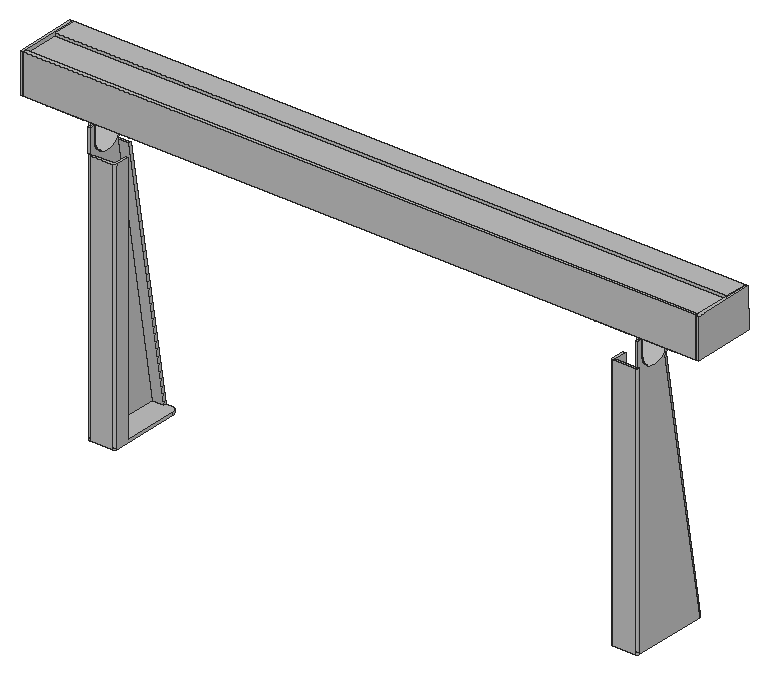
Revit family "4070749+4070747+4070772 Feilo Sylvania Lighting Fixtures CURSUS 591MM 435LM OVAL LED 4K with SINGLE WALL HOUSING with 250MM WALL BRACKET", category Lighting Fixtures, host Face, Revit 2017
Family settings
  Host = Face
  Round Connector Dimension = Use Diameter
  Part Type = Normal
  OmniClass Number = 23.80.70.14
  OmniClass Title = Luminaries for External Lighting
  Cut with Voids When Loaded = Yes
  Light Source = No
  Shared = No
  Room Calculation Point = No
Parameters (values of type "4070749 CURSUS 591MM 435LM OVAL LED 4K")
  Weight = "1.2 kg"
  Wattage Comments = "n/a"
  WarrantyStartDate [instance] = "n/a"
  WarrantyGuarantorParts = "n/a"
  WarrantyDurationUnit = "n/a"
  WarrantyDurationParts = "n/a"
  WarrantyDescription = "n/a"
  Voltage = 24 V
  URL = "http://www.sylvania-lighting.com"
  TypeName = "CURSUS 591MM 435LM OVAL LED 4K"
  TypeFixture_FEILO = CURSUS with SINGLE WALL HOUSING : CURSUS 591MM 435LM OVAL LED 4K
  Type Image = <None>
  Type Comments = "n/a"
  TiltAngle [instance] = 0.00°
  StartAngle [instance] = TiltAngle + 270.00°  # 270.00°
  SerialNumber [instance] = "n/a"
  ReflectorMaterial = none
  PowerFactor = 0
  PowerConsumption = "9 W"
  NominalLength = 591 mm
  NominalHeight = 50 mm
  NominalDepth = 30 mm
  Name = "CURSUS 591MM 435LM OVAL LED 4K"
  ModelReference = Name  # "CURSUS 591MM 435LM OVAL LED 4K"
  ModelNumber = "4070749"
  Model = Name  # "CURSUS 591MM 435LM OVAL LED 4K"
  Material = "natural anodised extruded aluminium structure housing, optical system with pmma lenses diffuser"
  ManufacturerName = "Feilo Sylvania"
  Manufacturer = "Feilo Sylvania"
  LuminousEfficacy = "48.33 lm/W"
  LuminaireType = ""
  LightOutputRatio = "100"
  LampsType = Lamp  # "LED"
  LampNominalLuminous = "435 lm"
  LampMacAdamStep = "n/a"
  LampColourTemperature = "4000 K"
  LampColourRenderingIndex = "80"
  Lamp = "LED"
  Keynote = "16500"
  InstallationDate [instance] = "n/a"
  InputVoltage = "24V DC"
  InputNominalFrequency = "n/a"
  IngressProtection = "IP67"
  ImpactProtectionIndex = "IK07"
  IfcExportType = "IfcLightFixtureType"
  IfcExportAs = "IfcLightFixtureType"
  ExpectedLife = 50000
  EndAngle [instance] = StartAngle - 180.00°  # 90.00°
  ElectricShockClassification = "Class III"
  DurationUnit = "hours"
  DocumentationLiterature = "http://www.sylvania-lighting.com/product/en-int/products/4070749"
  DimmingControlOptions = "n/a"
  DiffuserMaterial = Diffuser-Sylvania-Glow
  Description = "LED Exterior Lighting Recessed Surface Mounted Linear Fixture, Natural anodised extruded aluminium structure. Die-cast aluminium end caps. Installation kit with harmonic steel springs., 435 lm, 9W, 48lm/W, 4000K, CRI80+,non dimmable,IP67, IK07, (HxWxD) 591x50x30mm, 3 step Mac Adam Ellipse, 1.2kg,, Classe III, 21-25V-DC, energy class : A++, A+, A"
  Default Elevation = 1219.2 mm
  CreatedOn = "1/8/2018"
  CreatedBy = ""
  Cost = 0
  built-in parameter 1114216 [instance] = (empty or 0)
  ClassificationValue = "EF_70_80"
  ClassificationName = "Uniclass2015"
  BracketWidth = 24 mm
  BracketThickness = 2 mm
  BracketHeightEnd = 32 mm
  BracketHeight = 70 mm
  BracketFlange = BracketHeight / 5  # 14 mm
  BracketExtension = 250 mm
  BracketEndReduction = 25 mm
  BracketC = 22 mm  # constant formula
  BracketDistance = 460 mm
  BracketD = BracketHeightEnd - (BracketC * (BracketHeight - BracketHeightEnd) / (BracketExtension - BracketEndReduction))  # 28.284 mm
  BodyMaterial = Body-Sylvania-Gray
  BarCode [instance] = "n/a"
  AssetType = "Fixed"
  AssetIdentifier [instance] = "n/a"
  Assembly Code = "D5020200"
  Apparent Load = 9 VA
  AccessoryMaterial = Diffuser-Sylvania-Glow
Reference planes
  plane 1 "Center (Front/Back)": y = 0
  plane 2: z = 0
  plane 3 "Center (Left/Right)": x = 0
  plane 4: x = -242
  plane 5: x = 242
  plane 6: y = 70
  plane 7: x = -218
  plane 8: x = 218
  plane 9: z = 250
  plane 10: z = 236
  plane 11: z = 2
  plane 12: z = 225
  plane 13: x = -240
  plane 14: y = 68
  plane 15: y = 2
  plane 16: x = -220
  plane 17: x = 220
  plane 18: x = 240
  plane 19: x = -230
  plane 20: x = 230
  plane 21: y = 14
  plane 22: y = 32
  plane 23: y = 30
  plane 24: z = 247
  plane 25: y = 28.284
  plane 26: y = 16
Forms (mm)
  Blend 1, solid, material "Body-Sylvania-Gray" <- "BodyMaterial"
    base sketch origin (1223.4, -4572, 2) x (0, -1, 0) y (1, 0, 0)
      loop
        line (-4640, -1453.4) -> (-4642, -1453.4) -> (-4642, -1463.4)
        arc (-4642, -1463.4) -> (-4641.414, -1464.814) -> (-4640, -1465.4) r 2
        line (-4640, -1465.4) -> (-4574, -1465.4)
        arc (-4574, -1465.4) -> (-4572.586, -1464.814) -> (-4572, -1463.4) r 2
        line (-4572, -1463.4) -> (-4572, -1443.4)
        arc (-4572, -1443.4) -> (-4572.586, -1441.986) -> (-4574, -1441.4) r 2
        line (-4574, -1441.4) -> (-4586, -1441.4) -> (-4586, -1443.4) -> (-4574, -1443.4) -> (-4574, -1463.4) -> (-4640, -1463.4) -> (-4640, -1453.4)
    top sketch origin (1223.4, -4572, 2) x (0, -1, 0) y (1, 0, 0)
      loop
        line (-4586, -1443.4) -> (-4574, -1443.4) -> (-4574, -1463.4) -> (-4602, -1463.4) -> (-4602, -1453.4) -> (-4604, -1453.4) -> (-4604, -1463.4)
        arc (-4604, -1463.4) -> (-4603.52, -1464.71) -> (-4602.309, -1465.4) r 2.028
        line (-4602.309, -1465.4) -> (-4574, -1465.4)
        arc (-4574, -1465.4) -> (-4572.586, -1464.814) -> (-4572, -1463.4) r 2
        line (-4572, -1463.4) -> (-4572, -1443.4)
        arc (-4572, -1443.4) -> (-4572.586, -1441.986) -> (-4574, -1441.4) r 2
        line (-4574, -1441.4) -> (-4586, -1441.4) -> (-4586, -1443.4)
    from 0 to 223
  Extrusion 2, solid, material "Body-Sylvania-Gray" <- "BodyMaterial"
    sketch origin (0, 0, 0) x (1, 0, 0) y (0, 1, 0)
      loop
        arc (-240, 70) -> (-241.414, 69.414) -> (-242, 68) r 2
        line (-242, 68) -> (-242, 2)
        arc (-242, 2) -> (-241.414, 0.586) -> (-240, 0) r 2
        line (-240, 0) -> (-220, 0)
        arc (-220, 0) -> (-218.586, 0.586) -> (-218, 2) r 2
        line (-218, 2) -> (-218, 62.5)
        arc (-218, 62.5) -> (-220.197, 67.803) -> (-225.5, 70) r 7.5
        line (-225.5, 70) -> (-240, 70)
      loop
        line (240, 70) -> (225.5, 70)
        arc (225.5, 70) -> (220.197, 67.803) -> (218, 62.5) r 7.5
        line (218, 62.5) -> (218, 2)
        arc (218, 2) -> (218.586, 0.586) -> (220, 0) r 2
        line (220, 0) -> (240, 0)
        arc (240, 0) -> (241.414, 0.586) -> (242, 2) r 2
        line (242, 2) -> (242, 68)
        arc (242, 68) -> (241.414, 69.414) -> (240, 70) r 2
    from 0 to 2
  Blend 3, solid, material "Body-Sylvania-Gray" <- "BodyMaterial"
    base sketch origin (1223.4, -4572, 2) x (0, -1, 0) y (1, 0, 0)
      loop
        line (-4640, -983.4) -> (-4574, -983.4) -> (-4574, -1003.4) -> (-4586, -1003.4) -> (-4586, -1005.4) -> (-4574, -1005.4)
        arc (-4574, -1005.4) -> (-4572.586, -1004.814) -> (-4572, -1003.4) r 2
        line (-4572, -1003.4) -> (-4572, -983.4)
        arc (-4572, -983.4) -> (-4572.586, -981.986) -> (-4574, -981.4) r 2
        line (-4574, -981.4) -> (-4640, -981.4)
        arc (-4640, -981.4) -> (-4641.414, -981.986) -> (-4642, -983.4) r 2
        line (-4642, -983.4) -> (-4642, -993.4) -> (-4640, -993.4) -> (-4640, -983.4)
    top sketch origin (1223.4, -4572, 2) x (0, -1, 0) y (1, 0, 0)
      loop
        line (-4602, -993.4) -> (-4602, -983.4) -> (-4574, -983.4) -> (-4574, -1003.4) -> (-4586, -1003.4) -> (-4586, -1005.4) -> (-4574, -1005.4)
        arc (-4574, -1005.4) -> (-4572.586, -1004.814) -> (-4572, -1003.4) r 2
        line (-4572, -1003.4) -> (-4572, -983.4)
        arc (-4572, -983.4) -> (-4572.586, -981.986) -> (-4574, -981.4) r 2
        line (-4574, -981.4) -> (-4602, -981.4)
        arc (-4602, -981.4) -> (-4603.414, -981.986) -> (-4604, -983.4) r 2
        line (-4604, -983.4) -> (-4604, -993.4) -> (-4602, -993.4)
    from 0 to 223
  Blend 4, solid, material "Body-Sylvania-Gray" <- "BodyMaterial"
    base sketch origin (1223.4, -4572, 225) x (0, -1, 0) y (1, 0, 0)
      loop
        line (-4604, -1465.4) -> (-4572, -1465.4) -> (-4572, -1463.4) -> (-4604, -1463.4) -> (-4604, -1465.4)
    top sketch origin (1223.4, -4572, 225) x (0, -1, 0) y (1, 0, 0)
      loop
        line (-4572, -1465.4) -> (-4572, -1463.4) -> (-4600.284, -1463.4) -> (-4600.284, -1465.4) -> (-4572, -1465.4)
    from 0 to 22
  Blend 5, solid, material "Body-Sylvania-Gray" <- "BodyMaterial"
    base sketch origin (1223.4, -4572, 225) x (0, -1, 0) y (1, 0, 0)
      loop
        line (-4604, -983.4) -> (-4572, -983.4) -> (-4572, -981.4) -> (-4604, -981.4) -> (-4604, -983.4)
    top sketch origin (1223.4, -4572, 225) x (0, -1, 0) y (1, 0, 0)
      loop
        line (-4572, -981.4) -> (-4600.284, -981.4) -> (-4600.284, -983.4) -> (-4572, -983.4) -> (-4572, -981.4)
    from 0 to 22
  Extrusion 6, void
    sketch origin (0, 0, 0) x (0, 1, 0) y (0, 0, 1)
      loop
        line (0, 225) -> (2, 225) -> (2, 226.5) -> (0, 226.5) -> (0, 225)
      loop
        line (32, 225) -> (32, 226.5) -> (30, 226.5) -> (30, 225) -> (32, 225)
    from -242 to 242
  Revolve 7, solid, not visible
    sketch origin (1524, 16, 1219.2) x (1, 0, 0) y (0, 0, 1)
      loop
        line (-1524, -972.2) -> (-1524, -983.2) -> (-1294, -983.2) -> (-1294, -972.2) -> (-1524, -972.2)
      axis (-1294, -983.2) -> (-1524, -983.2)
    angle from 270 <- "StartAngle" to 90 <- "EndAngle"
Cuts and joins
  Extrusion 6 cuts Blend 4
  Extrusion 6 cuts Blend 5
  joined: Blend 1, Extrusion 2, Blend 3, Blend 4, Blend 5
Lines and regions (mm)
  reference lines, not visible
    curve 1: line (-218, 16, 236) -> (218, 16, 236)
Dimensions and locks
  equal spacing: plane 4, plane 3 "Center (Left/Right)", plane 5
  "BracketDistance": plane 19 to plane 20
  "BracketHeight": plane 1 "Center (Front/Back)" to plane 6
  equal spacing: plane 7, plane 3 "Center (Left/Right)", plane 8
  "BracketWidth": plane 4 to plane 7
  "BracketExtension": plane 9 to plane 2
  "BracketThickness": plane 11 to plane 2
  "BracketEndReduction": plane 9 to plane 12
  equal spacing: plane 13, plane 3 "Center (Left/Right)", plane 18
  equal spacing: plane 16, plane 3 "Center (Left/Right)", plane 17
  "BracketThickness": plane 4 to plane 13
  "BracketThickness": plane 16 to plane 7
  "BracketThickness": plane 14 to plane 6
  "BracketThickness": plane 1 "Center (Front/Back)" to plane 15
  equal spacing: plane 4, plane 19, plane 7
  equal spacing: plane 8, plane 20, plane 5
  "BracketFlange": plane 1 "Center (Front/Back)" to plane 21
  "BracketHeightEnd": plane 1 "Center (Front/Back)" to plane 22
  "BracketThickness": plane 23 to plane 22
  locked: Extrusion 2 sketch curve to plane 7 at 7.5
  locked: Extrusion 2 sketch curve to plane 6 at 7.5  (x2)
  locked: plane 8 to Extrusion 2 sketch curve at 7.5
  "BracketC": plane 24 to plane 12
  "BracketD": plane 1 "Center (Front/Back)" to plane 25
  locked: plane 12 to Extrusion 6 sketch curve at 1.5
  equal spacing: plane 24, plane 10, plane 12
  equal spacing: plane 1 "Center (Front/Back)", plane 26, plane 22
  aligned and locked: plane 2 to host face
  aligned and locked: level to host face
  aligned and locked: plane 4 to Blend 1 sketch curve  (x2)
  aligned and locked: plane 13 to Blend 1 sketch curve  (x3)
  aligned and locked: Blend 1 sketch curve to plane 15
  aligned and locked: Blend 1 sketch curve to plane 16
  aligned and locked: Blend 1 sketch curve to plane 21
  aligned and locked: plane 7 to Blend 1 sketch curve
  aligned and locked: plane 16 to Blend 1 sketch curve
  aligned and locked: plane 1 "Center (Front/Back)" to Blend 1 sketch curve
  aligned and locked: plane 14 to Blend 1 sketch curve
  aligned and locked: Blend 1 sketch curve to var sketch  (x6)
  aligned and locked: Blend 1 sketch curve to plane 19
  aligned and locked: Blend 1 sketch curve to plane 22
  aligned and locked: plane 23 to Blend 1 sketch curve
  aligned and locked: plane 11 to Blend 1
  aligned and locked: Extrusion 2 sketch curve to Blend 1  (x3)
  aligned and locked: Extrusion 2 to level
  aligned and locked: Extrusion 2 to plane 11
  aligned and locked: Extrusion 2 sketch curve to plane 7
  aligned and locked: plane 18 to Blend 3 sketch curve  (x4)
  aligned and locked: plane 14 to Blend 3 sketch curve  (x2)
  aligned and locked: Blend 3 sketch curve to plane 20
  aligned and locked: Blend 3 sketch curve to plane 6
  aligned and locked: plane 5 to Blend 3 sketch curve
  aligned and locked: plane 1 "Center (Front/Back)" to Blend 3 sketch curve
  aligned and locked: plane 15 to Blend 3 sketch curve  (x2)
  aligned and locked: Blend 3 sketch curve to plane 8
  aligned and locked: Blend 3 sketch curve to plane 21
  aligned and locked: plane 17 to Blend 3 sketch curve
  aligned and locked: Blend 3 sketch curve to plane 18
  aligned and locked: plane 20 to Blend 3 sketch curve  (x2)
  aligned and locked: Blend 3 sketch curve to plane 23
  aligned and locked: Blend 3 sketch curve to var sketch  (x8)
  aligned and locked: var sketch to Blend 3 sketch curve
  aligned and locked: plane 22 to Blend 3 sketch curve
  aligned and locked: plane 11 to Blend 3
  aligned and locked: Extrusion 2 sketch curve to Blend 3  (x4)
  aligned and locked: Blend 1 to plane 12
  aligned and locked: Blend 3 to plane 12
  aligned and locked: Blend 4 sketch curve to plane 22
  aligned and locked: Blend 4 sketch curve to cut or joined group of Blend 1, Extrusion 2, Blend 3, Blend 4, Blend 5, Extrusion 6  (x2)
  aligned and locked: cut or joined group of Blend 1, Extrusion 2, Blend 3, Blend 4, Blend 5, Extrusion 6 to Blend 4 sketch curve
  aligned and locked: Blend 4 sketch curve to var sketch  (x2)
  aligned and locked: Blend 4 sketch curve to plane 13
  aligned and locked: Blend 4 to plane 24
  aligned and locked: Blend 4 sketch curve to plane 25
  aligned and locked: Blend 5 sketch curve to plane 18  (x2)
  aligned and locked: plane 1 "Center (Front/Back)" to Blend 5 sketch curve
  aligned and locked: plane 5 to Blend 5 sketch curve
  aligned and locked: plane 22 to Blend 5 sketch curve
  aligned and locked: Blend 5 sketch curve to var sketch
  aligned and locked: var sketch to Blend 5 sketch curve
  aligned and locked: Blend 5 sketch curve to plane 25
  aligned and locked: Blend 5 to plane 24
  aligned and locked: plane 12 to Blend 5
  aligned and locked: Extrusion 6 sketch curve to cut or joined group of Blend 1, Extrusion 2, Blend 3, Blend 4, Blend 5, Extrusion 6  (x2)
  aligned and locked: Extrusion 6 sketch curve to Extrusion 6 sketch curve
  aligned and locked: Extrusion 6 sketch curve to plane 15
  aligned and locked: plane 5 to Extrusion 6
  aligned and locked: Extrusion 6 to plane 4
  aligned and locked: Extrusion 6 sketch curve to plane 23
  aligned and locked: Revolve 7 sketch curve to plane 10  (x2)
  aligned and locked: plane 24 to Revolve 7 sketch curve
  aligned and locked: plane 3 "Center (Left/Right)" to Revolve 7 sketch curve
  aligned and locked: Revolve 7 sketch curve to plane 20
  aligned and locked: plane 7 to curve 1
  aligned and locked: plane 10 to curve 1
  aligned and locked: nested 1 to plane 5
  aligned and locked: nested 2 to plane 4
  aligned and locked: nested 1 to curve 1
  aligned and locked: nested 2 to curve 1
  aligned and locked: nested 1 to nested 3
  aligned and locked: nested 3 to plane 3 "Center (Left/Right)"
Automatic sketch dimensions
  host sketch curve to host sketch curve = 2438.4 mm  (x2)
  Blend 1 sketch curve to plane 13 = 0 mm
  plane 15 to Blend 1 sketch curve = 0 mm  (x3)
  Blend 1 sketch curve to plane 23 = 0.309 mm
  plane 6 to Blend 1 sketch curve = 0 mm
  plane 14 to Blend 1 sketch curve = 0 mm
  Blend 1 sketch curve to plane 19 = 0 mm
  Blend 3 sketch curve to plane 17 = 0 mm
  Extrusion 6 sketch curve to plane 1 "Center (Front/Back)" = 0 mm
  plane 12 to Extrusion 6 sketch curve = 0 mm
  Revolve 7 sketch curve to plane 4 = 1153 mm
  plane 5 to Revolve 7 sketch curve = 1161.4 mm
  curve 1 to plane 8 = 0 mm
Nested families
  nested 1: "MountingPlate" at (241, 16, 236) x (-1, 0, 0) z (0, 0, 1), type "MountingPlate"
  nested 2: "MountingPlate" at (-241, 16, 236) x (-1, 0, 0) z (0, 0, 1), type "MountingPlate"
  nested 3: "CURSUS with SINGLE WALL HOUSING" at (0, -4, 254) x (-1, 0, 0) z (0, 0, 1), type <- "TypeFixture_FEILO", type "CURSUS 591MM 435LM OVAL LED 4K"
    with WarrantyStartDate "n/a", SerialNumber "n/a", InstallationDate "n/a", EndCapRight yes, EndCapLeft yes, built-in parameter 1114216 (empty or 0), BarCode "n/a", AssetIdentifier "n/a"
Connectors
  electrical at (0, 0, 0), driven by "Voltage", driven by "Apparent Load", driven by "PowerFactor"
    settings: index 1, voltage 24 V, apparent load 9 VA, apparent load phase1 0 VA, apparent load phase2 0 VA, apparent load phase3 0 VA, power factor 0, load classification "Other", number of poles 1, system type 30, power factor state 1, is connector primary yes, connector utility no, sub classification motor no, connector description ""
Definition of nested family "MountingPlate"
  Parameters (values of type "MountingPlate")
    URL = "http://www.feilosylvania.com"
    Type Comments = "n/a"
    ReflectorMaterial = none
    MountingPlateWidth = 76 mm
    MountingPlateThickness = 2 mm
    MountingPlateRadiusBack = 12 mm
    MountingPlateRadius = 3 mm
    MountingPlateHeight = 35 mm
    Model = "n/a"
    Manufacturer = "Feilo Sylvania"
    Keynote = "n/a"
    DiffuserMaterial = none
    Description = "n/a"
    Default Elevation = 1219.2 mm
    Cost = 0
    BodyMaterial = none
    Assembly Code = "n/a"
    AccessoryMaterial = none
  Reference planes
    plane 1 "Center (Front/Back)": y = 0
    plane 2: z = 0
    plane 3 "Center (Left/Right)": x = 0
    plane 4: x = -38
    plane 5: x = 38
    plane 6: y = 17.5
    plane 7: y = -17.5
    plane 8: x = -3
    plane 9: x = 3
    plane 10: z = 18
    plane 11: z = 16
    plane 12: y = 12.5
    plane 13: y = -12.5
    plane 14: x = -1
    plane 15: x = 1
    plane 16: z = -12.5
    plane 17: z = -14.5
  Forms (mm)
    Extrusion 1, solid
      sketch origin (1.653, 0, 0) x (1, 0, 0) y (0, 1, 0)
        loop
          line (-1219.2, 1219.2) -> (-1219.2, -1219.2) -> (1219.2, -1219.2) -> (1219.2, 1219.2) -> (-1219.2, 1219.2)
      from 0 to -304.8
    Extrusion 2, solid, material <- "BodyMaterial"
      sketch origin (1218.4, -4572, 16) x (0, -1, 0) y (-1, 0, 0)
        loop
          line (-4589.5, 1253.4) -> (-4589.5, 1224.4)
          arc (-4589.5, 1224.4) -> (-4588.621, 1222.279) -> (-4586.5, 1221.4) r 3
          line (-4586.5, 1221.4) -> (-4557.5, 1221.4)
          arc (-4557.5, 1221.4) -> (-4555.379, 1222.279) -> (-4554.5, 1224.4) r 3
          line (-4554.5, 1224.4) -> (-4554.5, 1253.4)
          arc (-4554.5, 1253.4) -> (-4555.379, 1255.521) -> (-4557.5, 1256.4) r 3
          line (-4557.5, 1256.4) -> (-4586.5, 1256.4)
          arc (-4586.5, 1256.4) -> (-4588.621, 1255.521) -> (-4589.5, 1253.4) r 3
        loop
          arc (-4589.5, 1183.4) -> (-4588.621, 1181.279) -> (-4586.5, 1180.4) r 3
          line (-4586.5, 1180.4) -> (-4557.5, 1180.4)
          arc (-4557.5, 1180.4) -> (-4555.379, 1181.279) -> (-4554.5, 1183.4) r 3
          line (-4554.5, 1183.4) -> (-4554.5, 1212.4)
          arc (-4554.5, 1212.4) -> (-4555.379, 1214.521) -> (-4557.5, 1215.4) r 3
          line (-4557.5, 1215.4) -> (-4586.5, 1215.4)
          arc (-4586.5, 1215.4) -> (-4588.621, 1214.521) -> (-4589.5, 1212.4) r 3
          line (-4589.5, 1212.4) -> (-4589.5, 1183.4)
      from 0 to -2
    Extrusion 3, solid, material <- "BodyMaterial"
      sketch origin (0, 0, 0) x (1, 0, 0) y (0, 0, 1)
        loop
          line (-3, 18) -> (-3, -12.5) -> (-1, -12.5) -> (-1, 16)
          arc (-1, 16) -> (-1.586, 17.414) -> (-3, 18) r 2
        loop
          line (3, -12.5) -> (3, 18)
          arc (3, 18) -> (1.586, 17.414) -> (1, 16) r 2
          line (1, 16) -> (1, -12.5) -> (3, -12.5)
      from -12.5 to 12.5
    Extrusion 4, void
      sketch origin (0, 0, 0) x (0, 1, 0) y (0, 0, 1)
        loop
          line (-12.5, -0.5) -> (-17.5, -0.5) -> (-17.5, -14.5) -> (-0.5, -14.5) -> (-0.5, -12.5)
          arc (-0.5, -12.5) -> (-8.985, -8.985) -> (-12.5, -0.5) r 12
        loop
          line (0.5, -12.5) -> (0.5, -14.5) -> (17.5, -14.5) -> (17.5, -0.5) -> (12.5, -0.5)
          arc (12.5, -0.5) -> (8.985, -8.985) -> (0.5, -12.5) r 12
      from -3 to 3
  Cuts and joins
    Extrusion 4 cuts Extrusion 2
    Extrusion 4 cuts Extrusion 3
    joined: Extrusion 2, Extrusion 3
  Lines and regions (mm)
    reference lines
      curve 1: line (-38, 0, 0) -> (38, 0, 0)
  Dimensions and locks
    equal spacing: plane 4, plane 3 "Center (Left/Right)", plane 5
    "MountingPlateWidth": plane 4 to plane 5
    equal spacing: plane 7, plane 1 "Center (Front/Back)", plane 6
    "MountingPlateHeight": plane 7 to plane 6
    equal spacing: plane 8, plane 3 "Center (Left/Right)", plane 9
    "MountingPlateHeight": plane 4 to plane 8
    locked: plane 10 to plane 2 at 18
    "MountingPlateThickness": plane 10 to plane 11
    equal spacing: plane 13, plane 1 "Center (Front/Back)", plane 12
    locked: plane 13 to plane 12 at 25
    "MountingPlateRadius": plane 4 to Extrusion 2 sketch curve  (x2)
    "MountingPlateRadius": Extrusion 2 sketch curve to plane 6  (x4)
    "MountingPlateRadius": Extrusion 2 sketch curve to plane 8  (x2)
    "MountingPlateRadius": plane 7 to Extrusion 2 sketch curve  (x4)
    "MountingPlateRadius": plane 9 to Extrusion 2 sketch curve  (x2)
    "MountingPlateRadius": Extrusion 2 sketch curve to plane 5  (x2)
    equal spacing: plane 15, plane 3 "Center (Left/Right)", plane 14
    "MountingPlateThickness": plane 14 to plane 8
    locked: plane 2 to plane 16 at 12.5
    locked: plane 17 to plane 16 at 2
    "MountingPlateRadiusBack": plane 13 to Extrusion 4 sketch curve
    "MountingPlateRadiusBack": plane 16 to Extrusion 4 sketch curve  (x2)
    "MountingPlateRadiusBack": Extrusion 4 sketch curve to plane 12
    aligned and locked: plane 2 to Extrusion 1
    aligned and locked: level to Extrusion 1
    aligned and locked: Extrusion 2 sketch curve to plane 6
    aligned and locked: Extrusion 2 sketch curve to plane 4
    aligned and locked: plane 7 to Extrusion 2 sketch curve
    aligned and locked: plane 8 to Extrusion 2 sketch curve
    aligned and locked: plane 6 to Extrusion 2 sketch curve
    aligned and locked: Extrusion 2 sketch curve to plane 5
    aligned and locked: Extrusion 2 sketch curve to plane 7
    aligned and locked: plane 9 to Extrusion 2 sketch curve
    aligned and locked: Extrusion 2 to plane 10
    aligned and locked: plane 11 to Extrusion 2
    aligned and locked: Extrusion 3 sketch curve to Extrusion 2  (x2)
    aligned and locked: plane 16 to Extrusion 3 sketch curve  (x2)
    aligned and locked: plane 14 to Extrusion 3 sketch curve
    aligned and locked: plane 9 to Extrusion 3 sketch curve
    aligned and locked: plane 15 to Extrusion 3 sketch curve
    aligned and locked: Extrusion 3 to plane 12
    aligned and locked: plane 13 to Extrusion 3
    aligned and locked: plane 17 to Extrusion 4 sketch curve  (x2)
    aligned and locked: Extrusion 4 sketch curve to plane 7
    aligned and locked: Extrusion 4 sketch curve to plane 6
    aligned and locked: plane 9 to Extrusion 4
    aligned and locked: Extrusion 4 to plane 8
    aligned and locked: plane 4 to curve 1
    aligned and locked: curve 1 to level
  Automatic sketch dimensions
    Extrusion 1 sketch curve to Extrusion 1 sketch curve = 2438.4 mm  (x2)
    Extrusion 3 sketch curve to plane 11 = 0 mm
    curve 1 to plane 5 = 0 mm
    Extrusion 4 sketch curve to plane 13 = 0 mm
    Extrusion 4 sketch curve to plane 12 = 0 mm
Definition of nested family "CURSUS with SINGLE WALL HOUSING"
  Parameters (values of type "CURSUS 1161MM 827LM OVAL LED 3K")
    Width_FEILO = 35 mm
    Weight = "2.2 kg"
    Wattage Comments = "n/a"
    Wattage = 18 W
    WarrantyStartDate [instance] = "n/a"
    WarrantyGuarantorParts = "n/a"
    WarrantyDurationUnit = "n/a"
    WarrantyDurationParts = "n/a"
    WarrantyDescription = "n/a"
    WallThickness_FEILO = 2.5 mm
    built-in parameter 1150110 = 1 (stored number, unit not read)
    Voltage = 24 V
    URL = "http://www.feilosylvania.com"
    TypeName = "CURSUS 1161MM 827LM OVAL LED 3K"
    Type Image = (empty or 0)
    Type Comments = "n/a"
    built-in parameter 1114217 = 1 (stored number, unit not read)
    Tilt Angle = -90.00°
    built-in parameter 1150109 = 1 (stored number, unit not read)
    built-in parameter 1150134 = (empty or 0)
    built-in parameter 1150113 = 1 (stored number, unit not read)
    SerialNumber [instance] = "n/a"
    ReflectorMaterial = none
    PowerFactor = 0
    PowerConsumption = "18 W"
    Photometric Web File = "4070765.ies"
    NominalLength = 1161 mm
    NominalHeight = 50 mm
    NominalDepth = 30 mm
    Name = "CURSUS 1161MM 827LM OVAL LED 3K"
    ModelReference = Name  # "CURSUS 1161MM 827LM OVAL LED 3K"
    ModelNumber = ""
    Model = Name  # "CURSUS 1161MM 827LM OVAL LED 3K"
    Material = "natural anodised extruded aluminium structure housing, optical system with pmma lenses diffuser"
    ManufacturerName = "Feilo Sylvania"
    Manufacturer = "Feilo Sylvania"
    LuminousEfficacy = "45.94 lm/W"
    built-in parameter 1150105 = 1166.5 (stored number, unit not read)
    Lumens = 827 lm
    LuminaireType = ""
    built-in parameter 1150115 = 1 (stored number, unit not read)
    LightOutputRatio = "100"
    built-in parameter 1150137 = (empty or 0)
    built-in parameter 1150139 = (empty or 0)
    Length_FEILO = 1167 mm
    LampsType = Lamp  # "LED"
    LampNominalLuminous = "827 lm"
    LampMacAdamStep = "n/a"
    LampColourTemperature = "3000 K"
    LampColourRenderingIndex = "80"
    built-in parameter 1150112 = 1 (stored number, unit not read)
    built-in parameter 1150114 = 1 (stored number, unit not read)
    Lamp = "LED"
    Keynote = "16500"
    InstallationDate [instance] = "n/a"
    InputVoltage = "24V DC"
    InputNominalFrequency = "n/a"
    built-in parameter 1150132 = (empty or 0)
    built-in parameter 1150102 = (empty or 0)
    built-in parameter 1150107 = 3000 (stored number, unit not read)
    built-in parameter 1150138 = (empty or 0)
    IngressProtection = "IP67"
    ImpactProtectionIndex = "IK07"
    built-in parameter 1150106 = 11.665 (stored number, unit not read)
    IfcExportType = "IfcLightFixtureType"
    IfcExportAs = "IfcLightFixtureType"
    ExpectedLife = 50000
    EndCapRight [instance] = yes
    EndCapLeft [instance] = yes
    Emit from Rectangle Width = Width_FEILO - WallThickness_FEILO * 2  # 30 mm
    Emit from Rectangle Length = Length_FEILO - WallThickness_FEILO * 2  # 1162 mm
    Emit Shape Visible in Rendering = no
    ElectricShockClassification = "Class III"
    built-in parameter 1150104 = 4.2684 (stored number, unit not read)
    DurationUnit = "hours"
    DocumentationLiterature = "http://www.feilosylvania.com/product/en-int/products/4070765"
    DimmingControlOptions = "n/a"
    Dimming Lamp Color Temperature Shift = (empty or 0)
    DiffuserMaterial = none
    Description = "LED Exterior Lighting Recessed Surface Mounted Linear Fixture, Natural anodised extruded aluminium structure. Die-cast aluminium end caps. Installation kit with harmonic steel springs., 827 lm, 18W, 45lm/W, 3000K, CRI80+,non dimmable,IP67, IK07, (HxWxD) 1161x50x30mm, 3 step Mac Adam Ellipse, 2.2kg,, Classe III, 21-25V-DC, energy class : A++, A+, A"
    Default Elevation = 1219.2 mm
    CreatedOn = "1/8/2018"
    CreatedBy = "aron.fodor@feilosylvania.com"
    Cost = 0
    Color Filter = 16777215
    built-in parameter 1114216 [instance] = (empty or 0)
    ClassificationValue = "EF_70_80"
    ClassificationName = "Uniclass2015"
    BodyMaterial = none
    BarCode [instance] = "n/a"
    built-in parameter 1114218 = 1 (stored number, unit not read)
    built-in parameter 1150133 = 10 (stored number, unit not read)
    AssetType = "Fixed"
    AssetIdentifier [instance] = "n/a"
    Assembly Code = "D5020200"
    Apparent Load = 18 VA
    AccessoryMaterial = none
  Types (16, lengths in mm): name | Weight | Wattage | Voltage | TypeName | built-in parameter 1150134 | PowerConsumption | Photometric Web File | NominalLength | Name | ModelReference | Model | Material | LuminousEfficacy | built-in parameter 1150105 | Lumens | Length_FEILO | LampNominalLuminous | LampColourTemperature | InputVoltage | InputNominalFrequency | built-in parameter 1150107 | built-in parameter 1150106 | Emit from Rectangle Length | built-in parameter 1150104 | DocumentationLiterature | Description | Apparent Load
    CURSUS 1161MM 827LM OVAL LED 3K | "2.2 kg" | 18 W | 24 V | "CURSUS 1161MM 827LM OVAL LED 3K" | (empty or 0) | "18 W" | "4070765.ies" | 1161 | "CURSUS 1161MM 827LM OVAL LED 3K" | "CURSUS 1161MM 827LM OVAL LED 3K" | "CURSUS 1161MM 827LM OVAL LED 3K" | "natural anodised extruded aluminium structure housing, optical system with pmma lenses diffuser" | "45.94 lm/W" | 1166.5 (stored number, unit not read) | 827 lm | 1167 | "827 lm" | "3000 K" | "24V DC" | "n/a" | 3000 (stored number, unit not read) | 11.665 (stored number, unit not read) | 1162 | 4.2684 (stored number, unit not read) | "http://www.feilosylvania.com/product/en-int/products/4070765" | "LED Exterior Lighting Recessed Surface Mounted Linear Fixture, Natural anodised extruded aluminium structure. Die-cast aluminium end caps. Installation kit with harmonic steel springs., 827 lm, 18W, 45lm/W, 3000K, CRI80+,non dimmable,IP67, IK07, (HxWxD) 1161x50x30mm, 3 step Mac Adam Ellipse, 2.2kg,, Classe III, 21-25V-DC, energy class : A++, A+, A" | 18 VA
    CURSUS 1161MM 731LM WIDE LED 3K | "2.2 kg" | 18 W | 230 V | "CURSUS 1161MM 731LM WIDE LED 3K" | (empty or 0) | "18 W" | "4070764.ies" | 1161 | "CURSUS 1161MM 731LM WIDE LED 3K" | "CURSUS 1161MM 731LM WIDE LED 3K" | "CURSUS 1161MM 731LM WIDE LED 3K" | "natural anodised extruded aluminium structure housing" | "40.61 lm/W" | 403.47 (stored number, unit not read) | 731 lm | 1167 | "731 lm" | "3000 K" | "220-240V~" | "n/a" | 3000 (stored number, unit not read) | 4.0347 (stored number, unit not read) | 1162 | 3.7729 (stored number, unit not read) | "http://www.feilosylvania.com/product/en-int/products/4070764" | "LED Exterior Lighting Recessed Surface Mounted Linear Fixture, Natural anodised extruded aluminium structure. Die-cast aluminium end caps. Installation kit with harmonic steel springs., 731 lm, 18W, 40lm/W, 3000K, CRI80+,non dimmable,IP67, IK07, (HxWxD) 1161x50x30mm, 3 step Mac Adam Ellipse, 2.2kg,, Classe III, 21-25V-DC, energy class : A++, A+, A" | 18 VA
    CURSUS 1161MM 871LM OVAL LED 4K | "2.2 kg" | 18 W | 24 V | "CURSUS 1161MM 871LM OVAL LED 4K" | 12 | "18 W" | "4070763.ies" | 1161 | "CURSUS 1161MM 871LM OVAL LED 4K" | "CURSUS 1161MM 871LM OVAL LED 4K" | "CURSUS 1161MM 871LM OVAL LED 4K" | "natural anodised extruded aluminium structure housing, optical system with pmma lenses diffuser" | "48.38 lm/W" | 1192.8 (stored number, unit not read) | 871 lm | 1167 | "871 lm" | "4000 K" | "24V DC" | "50/60 Hz" | 4000 (stored number, unit not read) | 11.928 (stored number, unit not read) | 1162 | 4.4955 (stored number, unit not read) | "http://www.feilosylvania.com/product/en-int/products/4070763" | "LED Exterior Lighting Recessed Surface Mounted Linear Fixture, Natural anodised extruded aluminium structure. Die-cast aluminium end caps. Installation kit with harmonic steel springs., 871 lm, 18W,  48lm/W, 4000K, CRI80+,non dimmable,IP67, IK07, (HxWxD) 1161x50x30mm, 3 step Mac Adam Ellipse, 2.2kg,, Classe III, 21-25V-DC, energy class : A++, A+, A" | 18 VA
    CURSUS 1161MM 770LM WIDE LED 4K | "2.2 kg" | 18 W | 230 V | "CURSUS 1161MM 770LM WIDE LED 4K" | 12 | "18 W" | "4070762.ies" | 1161 | "CURSUS 1161MM 770LM WIDE LED 4K" | "CURSUS 1161MM 770LM WIDE LED 4K" | "CURSUS 1161MM 770LM WIDE LED 4K" | "natural anodised extruded aluminium structure housing" | "42.77 lm/W" | 424.94 (stored number, unit not read) | 770 lm | 1167 | "770 lm" | "4000 K" | "220-240V~" | "n/a" | 4000 (stored number, unit not read) | 4.2494 (stored number, unit not read) | 1162 | 3.9742 (stored number, unit not read) | "http://www.feilosylvania.com/product/en-int/products/4070762" | "LED Exterior Lighting Recessed Surface Mounted Linear Fixture, Natural anodised extruded aluminium structure. Die-cast aluminium end caps. Installation kit with harmonic steel springs., 770 lm, 18W,  42lm/W, 4000K, CRI80+,non dimmable,IP67, IK07, (HxWxD) 1161x50x30mm, 3 step Mac Adam Ellipse, 2.2kg,, Classe III, 21-25V-DC, energy class : A++, A+, A" | 18 VA
    CURSUS 876MM 620LM OVAL LED 3K | "1.7 kg" | 13.5 W | 24 V | "CURSUS 876MM 620LM OVAL LED 3K" | (empty or 0) | "13.5 W" | "4070758.ies" | 876 | "CURSUS 876MM 620LM OVAL LED 3K" | "CURSUS 876MM 620LM OVAL LED 3K" | "CURSUS 876MM 620LM OVAL LED 3K" | "natural anodised extruded aluminium structure housing, optical system with pmma lenses diffuser" | "45.92 lm/W" | 874.55 (stored number, unit not read) | 620 lm | 882 | "620 lm" | "3000 K" | "24V DC" | "50/60 Hz" | 3000 (stored number, unit not read) | 8.7455 (stored number, unit not read) | 877 | 4.2667 (stored number, unit not read) | "http://www.feilosylvania.com/product/en-int/products/4070758" | "LED Exterior Lighting Recessed Surface Mounted Linear Fixture, Natural anodised extruded aluminium structure. Die-cast aluminium end caps. Installation kit with harmonic steel springs., 620 lm, 13,5W, 45lm/W, 3000K, CRI80+,non dimmable,IP67, IK07, (HxWxD) 876x50x30mm, 3 step Mac Adam Ellipse, 1.7kg,, Classe III, 21-25V-DC, energy class : A++, A+, A" | 13.5 VA
    CURSUS 876MM 548LM WIDE LED 3K | "1.7 kg" | 13.5 W | 24 V | "CURSUS 876MM 548LM WIDE LED 3K" | (empty or 0) | "13.5 W" | "4070757.ies" | 876 | "CURSUS 876MM 548LM WIDE LED 3K" | "CURSUS 876MM 548LM WIDE LED 3K" | "CURSUS 876MM 548LM WIDE LED 3K" | "natural anodised extruded aluminium structure housing" | "40.59 lm/W" | 302.47 (stored number, unit not read) | 548 lm | 882 | "548 lm" | "3000 K" | "24V DC" | "n/a" | 3000 (stored number, unit not read) | 3.0247 (stored number, unit not read) | 877 | 3.7712 (stored number, unit not read) | "http://www.feilosylvania.com/product/en-int/products/4070757" | "LED Exterior Lighting Recessed Surface Mounted Linear Fixture, Natural anodised extruded aluminium structure. Die-cast aluminium end caps. Installation kit with harmonic steel springs., 548 lm, 13,5W, 40lm/W, 3000K, CRI80+,non dimmable,IP67, IK07, (HxWxD) 876x50x30mm, 3 step Mac Adam Ellipse, 1.7kg,, Classe III, 21-25V-DC, energy class : A++, A+, A" | 13.5 VA
    CURSUS 876MM 653LM OVAL LED 4K | "1.7 kg" | 13.5 W | 24 V | "CURSUS 876MM 653LM OVAL LED 4K" | 12 | "13.5 W" | "4070756.ies" | 876 | "CURSUS 876MM 653LM OVAL LED 4K" | "CURSUS 876MM 653LM OVAL LED 4K" | "CURSUS 876MM 653LM OVAL LED 4K" | "natural anodised extruded aluminium structure housing, optical system with pmma lenses diffuser" | "48.37 lm/W" | 894.28 (stored number, unit not read) | 653 lm | 882 | "653 lm" | "4000 K" | "24V DC" | "n/a" | 4000 (stored number, unit not read) | 8.9428 (stored number, unit not read) | 877 | 4.4938 (stored number, unit not read) | "http://www.feilosylvania.com/product/en-int/products/4070756" | "LED Exterior Lighting Recessed Surface Mounted Linear Fixture, Natural anodised extruded aluminium structure. Die-cast aluminium end caps. Installation kit with harmonic steel springs., 653 lm, 13,5W,  48lm/W, 4000K, CRI80+,non dimmable,IP67, IK07, (HxWxD) 876x50x30mm, 3 step Mac Adam Ellipse, 1.7kg,, Classe III, 21-25V-DC, energy class : A++, A+, A" | 13.5 VA
    CURSUS 876MM 577LM WIDE LED 4K | "1.7 kg" | 13.5 W | 24 V | "CURSUS 876MM 577LM WIDE LED 4K" | 12 | "13.5 W" | "4070755.ies" | 876 | "CURSUS 876MM 577LM WIDE LED 4K" | "CURSUS 876MM 577LM WIDE LED 4K" | "CURSUS 876MM 577LM WIDE LED 4K" | "natural anodised extruded aluminium structure housing" | "42.74 lm/W" | 318.43 (stored number, unit not read) | 577 lm | 882 | "577 lm" | "4000 K" | "24V DC" | "n/a" | 4000 (stored number, unit not read) | 3.1843 (stored number, unit not read) | 877 | 3.9707 (stored number, unit not read) | "http://www.feilosylvania.com/product/en-int/products/4070755" | "LED Exterior Lighting Recessed Surface Mounted Linear Fixture, Natural anodised extruded aluminium structure. Die-cast aluminium end caps. Installation kit with harmonic steel springs., 577 lm, 13,5W,  42lm/W, 4000K, CRI80+,non dimmable,IP67, IK07, (HxWxD) 876x50x30mm, 3 step Mac Adam Ellipse, 1.7kg,, Classe III, 21-25V-DC, energy class : A++, A+, A" | 13.5 VA
    CURSUS 591MM 414LM OVAL LED 3K | "1.2 kg" | 9 W | 24 V | "CURSUS 591MM 414LM OVAL LED 3K" | (empty or 0) | "9 W" | "4070751.ies" | 591 | "CURSUS 591MM 414LM OVAL LED 3K" | "CURSUS 591MM 414LM OVAL LED 3K" | "CURSUS 591MM 414LM OVAL LED 3K" | "natural anodised extruded aluminium structure housing, optical system with pmma lenses diffuser" | "46 lm/W" | 583.97 (stored number, unit not read) | 414 lm | 597 | "414 lm" | "3000 K" | "24V DC" | "n/a" | 3000 (stored number, unit not read) | 5.8397 (stored number, unit not read) | 592 | 4.2735 (stored number, unit not read) | "http://www.feilosylvania.com/product/en-int/products/4070751" | "LED Exterior Lighting Recessed Surface Mounted Linear Fixture, Natural anodised extruded aluminium structure. Die-cast aluminium end caps. Installation kit with harmonic steel springs., 414 lm, 9W, 46lm/W, 3000K, CRI80+,non dimmable,IP67, IK07, (HxWxD) 591x50x30mm, 3 step Mac Adam Ellipse, 1.2kg,, Classe III, 21-25V-DC, energy class : A++, A+, A" | 9 VA
    CURSUS 591MM 365LM WIDE LED 3K | "1.2 kg" | 9 W | 24 V | "CURSUS 591MM 365LM WIDE LED 3K" | (empty or 0) | "9 W" | "4070750.ies" | 591 | "CURSUS 591MM 365LM WIDE LED 3K" | "CURSUS 591MM 365LM WIDE LED 3K" | "CURSUS 591MM 365LM WIDE LED 3K" | "natural anodised extruded aluminium structure housing" | "40.55 lm/W" | 201.45 (stored number, unit not read) | 365 lm | 597 | "365 lm" | "3000 K" | "24V DC" | "n/a" | 3000 (stored number, unit not read) | 2.0145 (stored number, unit not read) | 592 | 3.7677 (stored number, unit not read) | "http://www.feilosylvania.com/product/en-int/products/4070750" | "LED Exterior Lighting Recessed Surface Mounted Linear Fixture, Natural anodised extruded aluminium structure. Die-cast aluminium end caps. Installation kit with harmonic steel springs., 365 lm, 9W, 40lm/W, 3000K, CRI80+,non dimmable,IP67, IK07, (HxWxD) 591x50x30mm, 3 step Mac Adam Ellipse, 1.2kg,, Classe III, 21-25V-DC, energy class : A++, A+, A" | 9 VA
    CURSUS 591MM 435LM OVAL LED 4K | "1.2 kg" | 9 W | 24 V | "CURSUS 591MM 435LM OVAL LED 4K" | 12 | "9 W" | "4070749.ies" | 591 | "CURSUS 591MM 435LM OVAL LED 4K" | "CURSUS 591MM 435LM OVAL LED 4K" | "CURSUS 591MM 435LM OVAL LED 4K" | "natural anodised extruded aluminium structure housing, optical system with pmma lenses diffuser" | "48.33 lm/W" | 595.73 (stored number, unit not read) | 435 lm | 597 | "435 lm" | "4000 K" | "24V DC" | "n/a" | 4000 (stored number, unit not read) | 5.9573 (stored number, unit not read) | 592 | 4.4903 (stored number, unit not read) | "http://www.feilosylvania.com/product/en-int/products/4070749" | "LED Exterior Lighting Recessed Surface Mounted Linear Fixture, Natural anodised extruded aluminium structure. Die-cast aluminium end caps. Installation kit with harmonic steel springs., 435 lm, 9W, 48lm/W, 4000K, CRI80+,non dimmable,IP67, IK07, (HxWxD) 591x50x30mm, 3 step Mac Adam Ellipse, 1.2kg,, Classe III, 21-25V-DC, energy class : A++, A+, A" | 9 VA
    CURSUS 591MM 385LM WIDE LED 4K | "1.2 kg" | 9 W | 24 V | "CURSUS 591MM 385LM WIDE LED 4K" | 12 | "9 W" | "4070748.ies" | 591 | "CURSUS 591MM 385LM WIDE LED 4K" | "CURSUS 591MM 385LM WIDE LED 4K" | "CURSUS 591MM 385LM WIDE LED 4K" | "natural anodised extruded aluminium structure housing" | "42.77 lm/W" | 212.47 (stored number, unit not read) | 385 lm | 597 | "385 lm" | "4000 K" | "24V DC" | "n/a" | 4000 (stored number, unit not read) | 2.1247 (stored number, unit not read) | 592 | 3.9742 (stored number, unit not read) | "http://www.feilosylvania.com/product/en-int/products/4070748" | "LED Exterior Lighting Recessed Surface Mounted Linear Fixture, Natural anodised extruded aluminium structure. Die-cast aluminium end caps. Installation kit with harmonic steel springs., 385 lm, 9W,  42lm/W, 4000K, CRI80+,non dimmable,IP67, IK07, (HxWxD) 591x50x30mm, 3 step Mac Adam Ellipse, 1.2kg,, Classe III, 21-25V-DC, energy class : A++, A+, A" | 9 VA
    CURSUS 306MM 207LM OVAL LED3K | "0.6 kg" | 4.5 W | 24 V | "CURSUS 306MM 207LM OVAL LED3K" | (empty or 0) | "4.5 W" | "4070744.ies" | 306 | "CURSUS 306MM 207LM OVAL LED3K" | "CURSUS 306MM 207LM OVAL LED3K" | "CURSUS 306MM 207LM OVAL LED3K" | "natural anodised extruded aluminium structure housing, optical system with pmma lenses diffuser" | "46 lm/W" | 291.98 (stored number, unit not read) | 207 lm | 312 | "207 lm" | "3000 K" | "24V DC" | "n/a" | 3000 (stored number, unit not read) | 2.9198 (stored number, unit not read) | 307 | 4.2735 (stored number, unit not read) | "http://www.feilosylvania.com/product/en-int/products/4070744" | "LED Exterior Lighting Recessed Surface Mounted Linear Fixture, Natural anodised extruded aluminium structure. Die-cast aluminium end caps. Installation kit with harmonic steel springs., 207 lm, 4,5W, 46lm/W, 3000K, CRI80+,non dimmable,IP67, IK07, (HxWxD) 306x50x30mm, 3 step Mac Adam Ellipse, 0.6kg,, Classe III, 21-25V-DC, energy class : A++, A+, A" | 4.5 VA
    CURSUS 306MM 183LM WIDE LED 3K | "0.6 kg" | 4.5 W | 24 V | "CURSUS 306MM 183LM WIDE LED 3K" | (empty or 0) | "4.5 W" | "4070743.ies" | 306 | "CURSUS 306MM 183LM WIDE LED 3K" | "CURSUS 306MM 183LM WIDE LED 3K" | "CURSUS 306MM 183LM WIDE LED 3K" | "natural anodised extruded aluminium structure housing" | "40.66 lm/W" | 101.01 (stored number, unit not read) | 183 lm | 312 | "183 lm" | "3000 K" | "24V DC" | "n/a" | 3000 (stored number, unit not read) | 1.0101 (stored number, unit not read) | 307 | 3.7781 (stored number, unit not read) | "http://www.feilosylvania.com/product/en-int/products/4070743" | "LED Exterior Lighting Recessed Surface Mounted Linear Fixture, Natural anodised extruded aluminium structure. Die-cast aluminium end caps. Installation kit with harmonic steel springs., 183 lm, 4,5W, 40lm/W, 3000K, CRI80+,non dimmable,IP67, IK07, (HxWxD) 306x50x30mm, 3 step Mac Adam Ellipse, 0.6kg,, Classe III, 21-25V-DC, energy class : A++, A+, A" | 4.5 VA
    CURSUS 306MM 218LM OVAL LED 4K | "0.6 kg" | 4.5 W | 24 V | "CURSUS 306MM 218LM OVAL LED 4K" | 12 | "4.5 W" | "4070742.ies" | 306 | "CURSUS 306MM 218LM OVAL LED 4K" | "CURSUS 306MM 218LM OVAL LED 4K" | "CURSUS 306MM 218LM OVAL LED 4K" | "natural anodised extruded aluminium structure housing, optical system with pmma lenses diffuser" | "48.44 lm/W" | 298.55 (stored number, unit not read) | 218 lm | 312 | "218 lm" | "4000 K" | "24V DC" | "n/a" | 4000 (stored number, unit not read) | 2.9855 (stored number, unit not read) | 307 | 4.5006 (stored number, unit not read) | "http://www.feilosylvania.com/product/en-int/products/4070742" | "LED Exterior Lighting Recessed Surface Mounted Linear Fixture, Natural anodised extruded aluminium structure. Die-cast aluminium end caps. Installation kit with harmonic steel springs., 218 lm, 4,5W,  48lm/W, 4000K, CRI80+,non dimmable,IP67, IK07, (HxWxD) 306x50x30mm, 3 step Mac Adam Ellipse, 0.6kg,, Classe III, 21-25V-DC, energy class : A++, A+, A" | 4.5 VA
    CURSUS 306MM 192LM WIDE LED 4K | "0.6 kg" | 4.5 W | 24 V | "CURSUS 306MM 192LM WIDE LED 4K" | 12 | "4.5 W" | "4070741.ies" | 306 | "CURSUS 306MM 192LM WIDE LED 4K" | "CURSUS 306MM 192LM WIDE LED 4K" | "CURSUS 306MM 192LM WIDE LED 4K" | "natural anodised extruded aluminium structure housing" | "42.66 lm/W" | 105.96 (stored number, unit not read) | 192 lm | 312 | "192 lm" | "4000 K" | "24V DC" | "n/a" | 4000 (stored number, unit not read) | 1.0596 (stored number, unit not read) | 307 | 3.9639 (stored number, unit not read) | "http://www.feilosylvania.com/product/en-int/products/4070741" | "LED Exterior Lighting Recessed Surface Mounted Linear Fixture, Natural anodised extruded aluminium structure. Die-cast aluminium end caps. Installation kit with harmonic steel springs., 192 lm, 4,5W,  42lm/W, 4000K, CRI80+,non dimmable,IP67, IK07, (HxWxD) 306x50x30mm, 3 step Mac Adam Ellipse, 0.6kg,, Classe III, 21-25V-DC, energy class : A++, A+, A" | 4.5 VA
  Reference planes
    plane 1 "Center (Front/Back)": y = 0
    plane 2: z = 0
    plane 3 "Center (Left/Right)": x = 0
    plane 4: x = 583.5
    plane 5: x = -583.5
    plane 6: x = -581
    plane 7: x = 581
    plane 8: z = 35
    plane 9: z = 17.5
    plane 10: z = 32.5
    plane 11: z = 2.5
    plane 12: z = 30
    plane 13: z = 5
    plane 14: y = -55
    plane 15: y = -53
    plane 16: y = -2.5
    plane 17: y = -37
    plane 18: y = -34.5
  Forms (mm)
    Extrusion 1, solid
      sketch origin (4.2, 0, 0) x (1, 0, 0) y (0, 1, 0)
        loop
          line (-1219.2, 1219.2) -> (-1219.2, -1219.2) -> (1219.2, -1219.2) -> (1219.2, 1219.2) -> (-1219.2, 1219.2)
      from 0 to -304.8
    Extrusion 2, solid, material <- "BodyMaterial"
      sketch origin (0, 0, 0) x (0, 1, 0) y (0, 0, 1)
        loop
          line (0, 35) -> (-2.5, 35) -> (-2.5, 32.5) -> (-34.5, 32.5) -> (-34.5, 35) -> (-55, 35) -> (-55, 32.5) -> (-37, 32.5) -> (-37, 30) -> (-2.5, 30) -> (-2.5, 5) -> (-37, 5) -> (-37, 2.5) -> (-55, 2.5) -> (-55, 0) -> (-34.5, 0) -> (-34.5, 2.5) -> (-2.5, 2.5) -> (-2.5, 0) -> (0, 0) -> (0, 35)
      from -581 to 581
    Extrusion 3, solid, material <- "DiffuserMaterial"
      sketch origin (0, 0, 0) x (0, 1, 0) y (0, 0, 1)
        loop
          line (-37, 32.5) -> (-55, 32.5) -> (-55, 19.5) -> (-53, 17.5) -> (-55, 15.5) -> (-55, 2.5) -> (-37, 2.5) -> (-37, 32.5)
      from -581 to 581
    Extrusion 4, solid, material <- "BodyMaterial", visible <- "EndCapRight"
      sketch origin (581, 1524, 1219.2) x (0, 1, 0) y (0, 0, 1)
        loop
          line (-1579, -1184.2) -> (-1579, -1219.2) -> (-1524, -1219.2) -> (-1524, -1184.2) -> (-1579, -1184.2)
      from 0 to 2.5
    Extrusion 5, solid, material <- "BodyMaterial", visible <- "EndCapLeft"
      sketch origin (-581, 1524, 1219.2) x (0, 1, 0) y (0, 0, 1)
        loop
          line (-1579, -1184.2) -> (-1579, -1219.2) -> (-1524, -1219.2) -> (-1524, -1184.2) -> (-1579, -1184.2)
      from -2.5 to 0
  Dimensions and locks
    equal spacing: plane 5, plane 3 "Center (Left/Right)", plane 4
    "Length_FEILO": plane 5 to plane 4
    equal spacing: plane 6, plane 3 "Center (Left/Right)", plane 7
    "WallThickness_FEILO": plane 5 to plane 6
    locked: plane 9 to plane 2 at 17.5
    locked: plane 8 to plane 2 at 35
    equal spacing: plane 11, plane 9, plane 10
    equal spacing: plane 13, plane 9, plane 12
    "WallThickness_FEILO": plane 12 to plane 10
    locked: plane 14 to plane 15 at 2
    locked: plane 14 to plane 17 at 18
    "WallThickness_FEILO": plane 17 to plane 18
    "WallThickness_FEILO": plane 16 to plane 1 "Center (Front/Back)"
    locked: plane 15 to Extrusion 3 sketch curve (angle 45.00°)
    locked: Extrusion 3 sketch curve to plane 15 (angle 45.00°)
    aligned and locked: plane 2 to Extrusion 1
    aligned and locked: level to Extrusion 1
    aligned and locked: plane 1 "Center (Front/Back)" to Extrusion 2 sketch curve
    aligned and locked: Extrusion 2 sketch curve to plane 8  (x2)
    aligned and locked: plane 16 to Extrusion 2 sketch curve
    aligned and locked: Extrusion 1 to Extrusion 2 sketch curve
    aligned and locked: Extrusion 2 sketch curve to plane 16  (x2)
    aligned and locked: Extrusion 2 sketch curve to plane 11
    aligned and locked: plane 18 to Extrusion 2 sketch curve
    aligned and locked: level to Extrusion 2 sketch curve
    aligned and locked: plane 11 to Extrusion 2 sketch curve
    aligned and locked: Extrusion 2 sketch curve to plane 17
    aligned and locked: plane 13 to Extrusion 2 sketch curve
    aligned and locked: Extrusion 2 sketch curve to plane 12
    aligned and locked: plane 10 to Extrusion 2 sketch curve  (x2)
    aligned and locked: plane 17 to Extrusion 2 sketch curve  (x2)
    aligned and locked: plane 12 to Extrusion 2 sketch curve
    aligned and locked: Extrusion 2 sketch curve to plane 10
    aligned and locked: Extrusion 2 sketch curve to plane 18
    aligned and locked: plane 7 to Extrusion 2
    aligned and locked: Extrusion 2 to plane 6
    aligned and locked: Extrusion 3 sketch curve to Extrusion 2  (x4)
    aligned and locked: Extrusion 2 to Extrusion 3 sketch curve
    aligned and locked: plane 9 to Extrusion 3 sketch curve
    aligned and locked: plane 7 to Extrusion 3
    aligned and locked: Extrusion 3 to plane 6
    aligned and locked: Extrusion 4 sketch curve to Extrusion 2  (x4)
    aligned and locked: plane 4 to Extrusion 4
    aligned and locked: Extrusion 4 to plane 7
    aligned and locked: Extrusion 5 sketch curve to Extrusion 4  (x3)
    aligned and locked: Extrusion 5 sketch curve to Extrusion 2
    aligned and locked: Extrusion 5 to plane 5
    aligned and locked: plane 6 to Extrusion 5
    aligned and locked: plane 14 to imposter light
    aligned and locked: imposter light to plane 9
    aligned and locked: plane 3 "Center (Left/Right)" to imposter light
  Automatic sketch dimensions
    Extrusion 1 sketch curve to Extrusion 1 sketch curve = 2438.4 mm  (x2)
    Extrusion 2 sketch curve to plane 14 = 0 mm  (x2)
    Extrusion 3 sketch curve to plane 15 = 0 mm
  Connectors
    electrical at (0, 0, 0), driven by "Apparent Load", driven by "PowerFactor", driven by "Voltage"
      settings: index 1, voltage 24 V, apparent load 18 VA, apparent load phase1 0 VA, apparent load phase2 0 VA, apparent load phase3 0 VA, power factor 0, load classification none, number of poles 1, system type 30, power factor state 1, is connector primary yes, connector utility no, sub classification motor no, connector description ""
